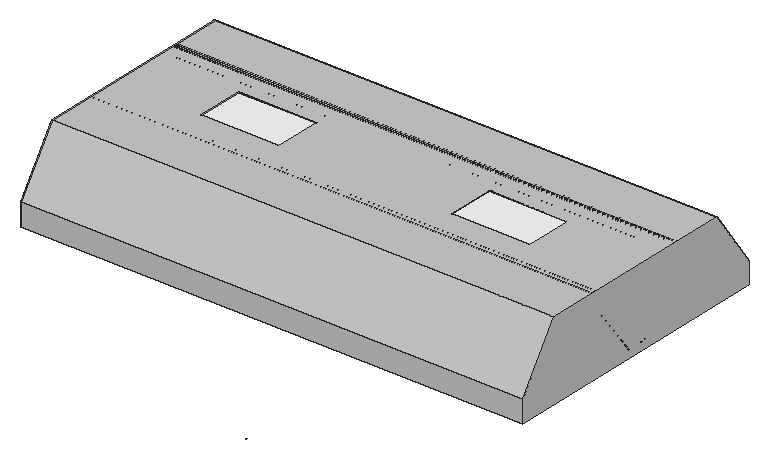
Revit family "QF_ELECTROLUXPROFESSIONAL_642361_BC1832DT", category Attrezzature speciali, Revit 2021
Family settings
  Quota connettore circolare = Usa diametro
  Tipo di parte = Normale
  Basato su piano di lavoro = No
  Sempre verticale = Sì
  Taglio con vuoti quando caricato = No
  Condiviso = No
  Punto di calcolo locali = No
Parameters (values of type "Standard")
  Weight = 98.00 kg
  Watts = 0 W
  Volts = 0 V
  URL Manufacturer = "https://www.electroluxprofessional.com/"
  URL = "https://www.electroluxprofessional.com/"
  Steam Supply Size = 0 mm
  Steam Supply Minimum Pressure = 0.0 Pa
  Steam Supply Maximum Pressure = 0.0 Pa
  Steam Consumption per Hour = 0
  Refrigeration Suction Line Size = 0 mm
  Refrigeration Liquid Line Size = 0 mm
  Refrigerant Compressor Remote = yes
  Prospetto di default = 0 mm
  Produttore = "Electrolux Professional"
  Phase = 0
  Modello = "BC1832DT"
  Length Actual = 3200 mm  # constant formula
  Item Number = "642361"
  Hot Water Size = 0 mm
  Height Actual = 500 mm  # constant formula
  HP = "0 HP"
  Gas Size = 0 mm
  Gas KW = 0
  Gas Input Pressure = 0 W
  Direct Waste Size = 0 mm
  Descrizione = "304 S/S ISLAND HOOD+FILTERS 3200X1800MM"
  Depth Actual = 1800 mm  # constant formula
  Cycle = 0 Hz
  Condensate Return Size = 0 mm
  Compressed Air Volume = 0.0 L/s
  Compressed Air Size = 0 mm
  Compressed Air Pressure = 0.0 Pa
  Cold Water Size = 0 mm
  Accessory = yes
Reference planes
  plane 1: z = 0
  plane 2 "Center (Left/Right)": x = 150
  plane 3 "LEFT": x = -1450
  plane 4 "RIGHT": x = 1750
  plane 5 "BACK": y = 550
  plane 6 "TOP": z = 2500
  plane 7 "Base": z = 2000
  plane 8: z = 1946
  plane 9: x = -1447
  plane 10 "DrainX": x = 1599
  plane 11 "AOLeft2": x = -400
  plane 12 "AORight1": x = 700
  plane 13: x = 1747
  plane 14: x = -1250
  plane 15: x = 1550
  plane 16: x = 50
  plane 17: x = 250
  plane 18 "AOLeft1": x = -900
  plane 19 "AORight2": x = 1200
  plane 20: y = -200
  plane 21: y = -500
  plane 22 "Center (Front/Back)": y = -350
  plane 23: y = -1250
  plane 24: through (0, -401.379, 2046.209) normal (0, 0.8019, 0.5974)
  plane 25: through (0, -298.621, 2046.209) normal (0, 0.8019, -0.5974)
  plane 26: z = 2140
Forms (mm)
  Extrusion 1, solid, material "QF_Finishes_Stainless Steel"
    sketch origin (-1450, 0, 360) x (0, 1, 0) y (0, 0, 1)
      loop
        line (550, 1640) -> (550, 1780) -> (299.446, 2140) -> (-999.446, 2140) -> (-1250, 1780) -> (-1250, 1640) -> (550, 1640)
    from 0 to 3
  Extrusion 2, solid, material "QF_Finishes_Stainless Steel"
    sketch origin (1750, 0, 360) x (0, 1, 0) y (0, 0, 1)
      loop
        line (550, 1640) -> (550, 1780) -> (299.446, 2140) -> (-999.446, 2140) -> (-1250, 1780) -> (-1250, 1640) -> (550, 1640)
    from 0 to -3
  Extrusion 3, solid, material "QF_Finishes_Stainless Steel"
    sketch origin (150, 0, 360) x (0, 1, 0) y (0, 0, 1)
      loop
        line (-999.446, 2140) -> (-1250, 1780) -> (-1250, 1640) -> (-1240, 1640) -> (-1240, 1640.8) -> (-1249.2, 1640.8) -> (-1249.2, 1779.739) -> (-999.025, 2139.19) -> (299.025, 2139.19) -> (549.2, 1779.739) -> (549.2, 1640.8) -> (540, 1640.8) -> (540, 1640) -> (550, 1640) -> (550, 1780) -> (299.446, 2140) -> (-999.446, 2140)
    from -1600 to 1600
  Extrusion 4, void
    sketch origin (0, 0, 2500) x (0, 1, 0) y (-1, 0, 0)
      loop
        line (-200, 400) -> (-200, 900) -> (-500, 900) -> (-500, 400) -> (-200, 400)
    from 0 to -10
  Extrusion 5, solid, material "QF_Finishes_Stainless Steel"
    sketch origin (0, 0, 0) x (1, 0, 0) y (0, 1, 0)
      loop
        line (-1450, 550) -> (-1450, 549) -> (-1449, 549) -> (-1449, 550) -> (-1450, 550)
    from 0 to 1
  Extrusion 6, solid, material "QF_Finishes_Stainless Steel"
    sketch origin (150, -400, 360) x (0, 1, 0) y (0, 0, 1)
      loop
        line (-298.883, 2085.553) -> (-1.379, 1686.209) -> (14.66, 1698.157) -> (-282.844, 2097.501) -> (-298.883, 2085.553)
      loop
        line (398.883, 2085.553) -> (382.844, 2097.501) -> (85.34, 1698.157) -> (101.379, 1686.209) -> (398.883, 2085.553)
    from -1400 to -1597
  Extrusion 7, solid, material "QF_Finishes_Stainless Steel"
    sketch origin (150, -400, 360) x (0, 1, 0) y (0, 0, 1)
      loop
        arc (116.056, 1704.554) -> (115.455, 1704.706) -> (114.923, 1704.389) r 0.81
        line (114.923, 1704.389) -> (100.465, 1684.991) -> (83.389, 1687.002) -> (86.391, 1712.615) -> (85.593, 1712.708) -> (82.594, 1687.095)
        arc (82.594, 1687.095) -> (82.763, 1686.499) -> (83.305, 1686.197) r 0.81
        line (83.305, 1686.197) -> (100.372, 1684.196)
        arc (100.372, 1684.196) -> (100.787, 1684.257) -> (101.116, 1684.517) r 0.81
        line (101.116, 1684.517) -> (115.564, 1703.911) -> (126.308, 1695.919) -> (100.145, 1660.79) -> (-0.145, 1660.79) -> (-26.308, 1695.919) -> (-15.564, 1703.911) -> (-1.116, 1684.517)
        arc (-1.116, 1684.517) -> (-0.787, 1684.257) -> (-0.372, 1684.196) r 0.81
        line (-0.372, 1684.196) -> (16.695, 1686.197)
        arc (16.695, 1686.197) -> (17.237, 1686.499) -> (17.406, 1687.095) r 0.81
        line (17.406, 1687.095) -> (14.407, 1712.708) -> (13.609, 1712.615) -> (16.611, 1687.002) -> (-0.465, 1684.991) -> (-14.923, 1704.389)
        arc (-14.923, 1704.389) -> (-15.455, 1704.706) -> (-16.056, 1704.554) r 0.81
        line (-16.056, 1704.554) -> (-26.786, 1696.561)
        arc (-26.786, 1696.561) -> (-27.103, 1696.028) -> (-26.951, 1695.427) r 0.81
        line (-26.951, 1695.427) -> (-0.843, 1660.381)
        arc (-0.843, 1660.381) -> (-0.5, 1660.093) -> (-0.063, 1659.99) r 0.972
        line (-0.063, 1659.99) -> (100.049, 1659.99)
        arc (100.049, 1659.99) -> (100.498, 1660.096) -> (100.851, 1660.393) r 1
        line (100.851, 1660.393) -> (126.951, 1695.427)
        arc (126.951, 1695.427) -> (127.103, 1696.028) -> (126.786, 1696.561) r 0.81
        line (126.786, 1696.561) -> (116.056, 1704.554)
      loop
        line (-292.735, 2139.19) -> (-292.735, 2129.205) -> (-317.587, 2110.686)
        arc (-317.587, 2110.686) -> (-317.904, 2110.153) -> (-317.752, 2109.552) r 0.81
        line (-317.752, 2109.552) -> (-284.894, 2065.446) -> (-295.625, 2057.438) -> (-295.147, 2056.796) -> (-284.418, 2064.79)
        arc (-284.418, 2064.79) -> (-284.1, 2065.322) -> (-284.252, 2065.923) r 0.81
        line (-284.252, 2065.923) -> (-317.117, 2110.038) -> (-291.935, 2128.798) -> (-291.935, 2138.4) -> (-262.776, 2138.4) -> (-262.776, 2070.563) -> (-261.976, 2069.49) -> (-261.976, 2139.19) -> (-292.735, 2139.19)
      loop
        line (392.735, 2139.19) -> (361.976, 2139.19) -> (361.976, 2069.49) -> (362.776, 2070.563) -> (362.776, 2138.4) -> (391.935, 2138.4) -> (391.935, 2128.798) -> (417.117, 2110.038) -> (384.252, 2065.923)
        arc (384.252, 2065.923) -> (384.1, 2065.322) -> (384.418, 2064.79) r 0.81
        line (384.418, 2064.79) -> (395.147, 2056.796) -> (395.625, 2057.438) -> (384.894, 2065.446) -> (417.752, 2109.552)
        arc (417.752, 2109.552) -> (417.904, 2110.153) -> (417.587, 2110.686) r 0.81
        line (417.587, 2110.686) -> (392.735, 2129.205) -> (392.735, 2139.19)
    from -1597 to 1597
  Extrusion 8, solid, material "QF_Finishes_Stainless Steel"
    sketch origin (150, -400, 360) x (0, 1, 0) y (0, 0, 1)
      loop
        line (-298.883, 2085.553) -> (-1.379, 1686.209) -> (14.66, 1698.157) -> (-282.844, 2097.501) -> (-298.883, 2085.553)
      loop
        line (398.883, 2085.553) -> (382.844, 2097.501) -> (85.34, 1698.157) -> (101.379, 1686.209) -> (398.883, 2085.553)
    from 1597 to 1400
  Extrusion 9, solid, material "QF_Finishes_Stainless Steel"
    sketch origin (150, -400, 360) x (0, 1, 0) y (0, 0, 1)
      loop
        line (-298.883, 2085.553) -> (-1.379, 1686.209) -> (14.66, 1698.157) -> (-282.844, 2097.501) -> (-298.883, 2085.553)
      loop
        line (398.883, 2085.553) -> (382.844, 2097.501) -> (85.34, 1698.157) -> (101.379, 1686.209) -> (398.883, 2085.553)
    from -100 to 100
  Extrusion 10, solid, material "QF_Finished_Chrome"
    sketch origin (150, -400, 360) x (0, 1, 0) y (0, 0, 1)
      loop
        line (-298.883, 2085.553) -> (-1.379, 1686.209) -> (14.66, 1698.157) -> (-282.844, 2097.501) -> (-298.883, 2085.553)
      loop
        line (398.883, 2085.553) -> (382.844, 2097.501) -> (85.34, 1698.157) -> (101.379, 1686.209) -> (398.883, 2085.553)
    from -1400 to -100
  Extrusion 11, solid, material "QF_Finished_Chrome"
    sketch origin (150, -400, 360) x (0, 1, 0) y (0, 0, 1)
      loop
        line (-298.883, 2085.553) -> (-1.379, 1686.209) -> (14.66, 1698.157) -> (-282.844, 2097.501) -> (-298.883, 2085.553)
      loop
        line (398.883, 2085.553) -> (382.844, 2097.501) -> (85.34, 1698.157) -> (101.379, 1686.209) -> (398.883, 2085.553)
    from 100 to 1400
  Sweep 12, solid, material "QF_Finishes_Stainless Steel"
    path origin (0, 0, 0) x (1, 0, 0) y (0, 1, 0)
      loop
        line (1750, 550) -> (-1450, 550) -> (-1450, -1250) -> (1750, -1250) -> (1750, 550)
    profile origin (1750, -350, 0) x (1, 0, 0) y (0, 0, 1)
      loop
        line (-3, 2000) -> (-3, 2000.8) -> (-19, 2000.8) -> (-19, 2010) -> (-20, 2010) -> (-20, 2000) -> (-3, 2000)
  Extrusion 13, void
    sketch origin (0, 0, 2500) x (0, 1, 0) y (-1, 0, 0)
      loop
        line (-200, -1200) -> (-200, -700) -> (-500, -700) -> (-500, -1200) -> (-200, -1200)
    from 0 to -10
  Extrusion 14, solid, material "QF_Finishes_Stainless Steel"
    sketch origin (1599, 0, 0) x (0, 1, 0) y (0, 0, 1)
      loop
        arc (-318.5, 1946) -> (-311.429, 1948.929) -> (-308.5, 1956) r 10
        line (-308.5, 1956) -> (-308.5, 2000.8) -> (-391.5, 2000.8) -> (-391.5, 1956)
        arc (-391.5, 1956) -> (-388.571, 1948.929) -> (-381.5, 1946) r 10
        line (-381.5, 1946) -> (-318.5, 1946)
    from -90 to 90
  Extrusion 15, solid, material "QF_Finishes_Stainless Steel"
    sketch origin (0, -1100, 2000) x (0, 1, 0) y (-1, 0, 0)
      loop
        circle (750, -1599) r 6.35
    from -3.799 to 0
Cuts and joins
  Extrusion 4, Extrusion 13 cuts Extrusion 3
  joined: Extrusion 2, Extrusion 3, Sweep 12
Lines and regions (mm)
  symbolic lines, style "SpecialityEquipment", detail levels coarse
    curve 1: line (1750, 550, 2500) -> (-1450, 550, 2500)
    curve 2: line (-1450, 550, 2500) -> (-1450, -1250.8, 2500)
    curve 3: line (1750, -1250.8, 2500) -> (1750, 550, 2500)
    curve 4: line (-1450, 299.446, 0) -> (1750, -999.446, 0)
    curve 5: line (1750, 299.446, 0) -> (-1450.605, -999.446, 0)
  symbolic lines, detail levels coarse
    curve 6: line (-900, -500, 0) -> (-400, -500, 0)
    curve 7: line (-900, -200, 0) -> (-900, -500, 0)
    curve 8: line (-400, -200, 0) -> (-900, -200, 0)
    curve 9: line (-400, -500, 0) -> (-400, -200, 0)
    curve 10: line (700, -200, 0) -> (700, -500, 0)
    curve 11: line (1200, -200, 0) -> (700, -200, 0)
    curve 12: line (1200, -500, 0) -> (1200, -200, 0)
    curve 13: line (700, -500, 0) -> (1200, -500, 0)
    curve 14: line (-1450.605, -999.446, 0) -> (1750, -999.446, 0)
    curve 15: line (1750, 299.446, 0) -> (-1450, 299.446, 0)
    curve 16: line (-1450, -1250.8, 0) -> (1750, -1250.8, 0)
Dimensions and locks
  plane 3 "LEFT" to plane 4 "RIGHT" = 3200 mm
  equal spacing: plane 3 "LEFT", plane 2 "Center (Left/Right)", plane 4 "RIGHT"
  plane 3 "LEFT" to plane 9 = 3 mm
  plane 10 "DrainX" to plane 4 "RIGHT" = 151 mm
  plane 13 to plane 4 "RIGHT" = 3 mm
  plane 3 "LEFT" to plane 14 = 200 mm
  plane 15 to plane 4 "RIGHT" = 200 mm
  locked: plane 11 "AOLeft2" to plane 12 "AORight1" at 1100
  equal spacing: plane 11 "AOLeft2", plane 2 "Center (Left/Right)", plane 12 "AORight1"
  locked: plane 7 "Base" to level at 2000
  locked: plane 16 to plane 17 at 200
  equal spacing: plane 16, plane 2 "Center (Left/Right)", plane 17
  plane 18 "AOLeft1" to plane 11 "AOLeft2" = 500 mm
  plane 12 "AORight1" to plane 19 "AORight2" = 500 mm
  plane 7 "Base" to plane 8 = 54 mm
  locked: plane 6 "TOP" to plane 7 "Base" at 500
  plane 5 "BACK" to plane 23 = 1800 mm  (x2)
  equal spacing: plane 5 "BACK", plane 22 "Center (Front/Back)", plane 23
  plane 21 to plane 20 = 300 mm
  equal spacing: plane 21, plane 22 "Center (Front/Back)", plane 20
  plane 26 to plane 7 "Base" = 140 mm
  aligned and locked: level to plane 1
  aligned and locked: plane 4 "RIGHT" to Extrusion 3
  aligned and locked: Extrusion 3 to plane 3 "LEFT"
  aligned and locked: Extrusion 6 to plane 9
  aligned and locked: plane 14 to Extrusion 6
  aligned and locked: Extrusion 2 to plane 13
  aligned and locked: plane 13 to Extrusion 8
  aligned and locked: Extrusion 8 to plane 15
  aligned and locked: plane 17 to Extrusion 9
  aligned and locked: Extrusion 9 to plane 16
  aligned and locked: plane 16 to Extrusion 10
  aligned and locked: Extrusion 10 to plane 14
  aligned and locked: Extrusion 11 to plane 17
  aligned and locked: Extrusion 11 to plane 15
  aligned and locked: Extrusion 7 to plane 9
  aligned and locked: plane 13 to Extrusion 7
  aligned and locked: Extrusion 4 to plane 18 "AOLeft1"
  aligned and locked: Extrusion 4 to plane 11 "AOLeft2"
  aligned and locked: plane 12 "AORight1" to Extrusion 13
  aligned and locked: plane 19 "AORight2" to Extrusion 13
  aligned and locked: plane 21 to Extrusion 13
  aligned and locked: plane 21 to Extrusion 4
  aligned and locked: plane 20 to Extrusion 13
  aligned and locked: plane 20 to Extrusion 4
  aligned and locked: curve 6 to Extrusion 4
  aligned and locked: curve 7 to Extrusion 4
  aligned and locked: curve 8 to Extrusion 4
  aligned and locked: curve 9 to Extrusion 4
  aligned and locked: curve 10 to Extrusion 13
  aligned and locked: curve 11 to Extrusion 13
  aligned and locked: curve 12 to Extrusion 13
  aligned and locked: curve 13 to Extrusion 13
Automatic sketch dimensions
  curve 2 to plane 3 "LEFT" = 0 mm
  curve 3 to plane 4 "RIGHT" = 0 mm
  curve 2 to plane 5 "BACK" = 0 mm
  Extrusion 4 sketch curve to plane 11 "AOLeft2" = 0 mm
  Extrusion 4 sketch curve to plane 18 "AOLeft1" = 0 mm
  Extrusion 5 sketch curve to plane 3 "LEFT" = 0 mm
  Extrusion 5 sketch curve to plane 5 "BACK" = 0 mm
  plane 3 "LEFT" to Extrusion 5 sketch curve = 1 mm
  Extrusion 5 sketch curve to Extrusion 5 sketch curve = 1 mm
  Sweep 12 sketch curve to plane 3 "LEFT" = 0 mm
  Sweep 12 sketch curve to plane 4 "RIGHT" = 0 mm
  Sweep 12 sketch curve to plane 5 "BACK" = 0 mm
  profile plane to Sweep 12 sketch curve = 20 mm
  Sweep 12 sketch curve to Sweep 12 sketch curve = 1 mm
  profile plane to Sweep 12 sketch curve = 3 mm
  level to Sweep 12 sketch curve = 2000 mm
  Sweep 12 sketch curve to Sweep 12 sketch curve = 0.8 mm
  Sweep 12 sketch curve to Sweep 12 sketch curve = 9.2 mm
  Extrusion 13 sketch curve to plane 11 "AOLeft2" = 1600 mm
  plane 18 "AOLeft1" to Extrusion 13 sketch curve = 1600 mm
  Extrusion 13 sketch curve to Extrusion 13 sketch curve = 300 mm
  Extrusion 13 sketch curve to plane 20 = 0 mm
  plane 21 to curve 3 = 750.8 mm
  plane 21 to curve 2 = 750.8 mm
  plane 21 to Sweep 12 sketch curve = 750 mm
  plane 21 to Extrusion 4 sketch curve = 0 mm
  Extrusion 4 sketch curve to plane 20 = 0 mm
  Extrusion 15 sketch curve to plane 10 "DrainX" = 0 mm
  Extrusion 15 sketch curve to plane 22 "Center (Front/Back)" = 0 mm
  Extrusion 14 sketch curve to plane 8 = 0 mm
  plane 8 to Extrusion 14 sketch curve = 10 mm
  Extrusion 14 sketch curve to plane 22 "Center (Front/Back)" = 41.5 mm
  plane 22 "Center (Front/Back)" to Extrusion 14 sketch curve = 31.5 mm
  plane 7 "Base" to Extrusion 14 sketch curve = 0.8 mm
  plane 22 "Center (Front/Back)" to Extrusion 14 sketch curve = 41.5 mm
  plane 21 to Extrusion 6 sketch curve = 198.883 mm
  Extrusion 6 sketch curve to plane 6 "TOP" = 42.499 mm  (x2)
  Extrusion 6 sketch curve to Extrusion 6 sketch curve = 16.039 mm  (x2)
  Extrusion 6 sketch curve to plane 22 "Center (Front/Back)" = 51.379 mm
  plane 22 "Center (Front/Back)" to Extrusion 6 sketch curve = 35.34 mm
  plane 20 to Extrusion 6 sketch curve = 182.844 mm
  Extrusion 6 sketch curve to Extrusion 6 sketch curve = 11.948 mm  (x2)
  Extrusion 7 sketch curve to plane 6 "TOP" = 30.448 mm  (x2)
  plane 21 to Extrusion 7 sketch curve = 217.752 mm
  Extrusion 7 sketch curve to plane 6 "TOP" = 29.314 mm  (x2)
  Extrusion 7 sketch curve to Extrusion 7 sketch curve = 0.166 mm  (x3)
  Extrusion 7 sketch curve to plane 6 "TOP" = 29.962 mm  (x2)
  Extrusion 7 sketch curve to Extrusion 7 sketch curve = 0.47 mm  (x2)
  Extrusion 7 sketch curve to Extrusion 7 sketch curve = 0.014 mm  (x2)
  Extrusion 7 sketch curve to plane 6 "TOP" = 82.562 mm  (x2)
  Extrusion 7 sketch curve to Extrusion 7 sketch curve = 22.127 mm
  Extrusion 7 sketch curve to plane 6 "TOP" = 83.204 mm  (x2)
  Extrusion 7 sketch curve to Extrusion 7 sketch curve = 0.478 mm  (x5)
  Extrusion 7 sketch curve to plane 6 "TOP" = 0.81 mm  (x2)
  Extrusion 7 sketch curve to Extrusion 7 sketch curve = 24.852 mm
  Extrusion 7 sketch curve to Extrusion 7 sketch curve = 0.8 mm  (x5)
  Extrusion 7 sketch curve to Extrusion 7 sketch curve = 10.724 mm
  Extrusion 7 sketch curve to plane 6 "TOP" = 74.554 mm  (x2)
  Extrusion 7 sketch curve to Extrusion 7 sketch curve = 0.008 mm  (x6)
  Extrusion 7 sketch curve to plane 6 "TOP" = 75.21 mm  (x2)
  Extrusion 7 sketch curve to plane 6 "TOP" = 74.077 mm  (x2)
  Extrusion 7 sketch curve to Extrusion 7 sketch curve = 0.642 mm  (x2)
  Extrusion 7 sketch curve to plane 6 "TOP" = 69.437 mm  (x2)
  Extrusion 7 sketch curve to Extrusion 7 sketch curve = 21.476 mm  (x2)
  Extrusion 7 sketch curve to plane 21 = 73.049 mm
  Extrusion 7 sketch curve to Extrusion 7 sketch curve = 0.006 mm  (x4)
  Extrusion 7 sketch curve to Extrusion 7 sketch curve = 10.73 mm  (x3)
  Extrusion 7 sketch curve to Extrusion 7 sketch curve = 0.484 mm  (x4)
  Extrusion 7 sketch curve to Extrusion 7 sketch curve = 0.641 mm  (x2)
  Extrusion 7 sketch curve to Extrusion 7 sketch curve = 14.448 mm
  plane 7 "Base" to Extrusion 7 sketch curve = 20.381 mm
  Extrusion 7 sketch curve to Extrusion 7 sketch curve = 0.273 mm
  Extrusion 7 sketch curve to Extrusion 7 sketch curve = 0.65 mm  (x2)
  Extrusion 7 sketch curve to Extrusion 7 sketch curve = 0.001 mm  (x4)
  Extrusion 7 sketch curve to Extrusion 7 sketch curve = 0.093 mm  (x2)
  plane 7 "Base" to Extrusion 7 sketch curve = 20.79 mm
  Extrusion 7 sketch curve to Extrusion 7 sketch curve = 0.698 mm
  Extrusion 7 sketch curve to Extrusion 7 sketch curve = 0.081 mm
  Extrusion 7 sketch curve to Extrusion 7 sketch curve = 28.531 mm
  Extrusion 7 sketch curve to Extrusion 7 sketch curve = 0.799 mm  (x2)
  Extrusion 7 sketch curve to Extrusion 7 sketch curve = 17.067 mm  (x2)
  Extrusion 7 sketch curve to Extrusion 7 sketch curve = 0.01 mm  (x4)
  Extrusion 7 sketch curve to Extrusion 7 sketch curve = 0.094 mm
  Extrusion 7 sketch curve to Extrusion 7 sketch curve = 0.795 mm  (x2)
  plane 22 "Center (Front/Back)" to Extrusion 7 sketch curve = 32.594 mm
  Extrusion 7 sketch curve to Extrusion 7 sketch curve = 0.71 mm
  Extrusion 7 sketch curve to Extrusion 7 sketch curve = 2.998 mm
  Extrusion 7 sketch curve to Extrusion 7 sketch curve = 16.745 mm
  Extrusion 7 sketch curve to Extrusion 7 sketch curve = 0.095 mm
  plane 7 "Base" to Extrusion 7 sketch curve = 20.393 mm
  Extrusion 7 sketch curve to Extrusion 7 sketch curve = 0.707 mm
  Extrusion 7 sketch curve to Extrusion 7 sketch curve = 0.651 mm
  Extrusion 7 sketch curve to Extrusion 7 sketch curve = 14.456 mm
  Extrusion 7 sketch curve to plane 6 "TOP" = 70.51 mm  (x2)
  plane 20 to Extrusion 7 sketch curve = 161.976 mm
  Extrusion 7 sketch curve to plane 6 "TOP" = 1.6 mm
  Extrusion 7 sketch curve to Extrusion 7 sketch curve = 29.159 mm
  Extrusion 7 sketch curve to Extrusion 7 sketch curve = 24.368 mm
  Extrusion 7 sketch curve to Extrusion 7 sketch curve = 0.636 mm
  Extrusion 7 sketch curve to Extrusion 7 sketch curve = 23.206 mm
  Extrusion 7 sketch curve to Extrusion 7 sketch curve = 23.234 mm
  Extrusion 7 sketch curve to Extrusion 7 sketch curve = 0.321 mm  (x2)
  Extrusion 7 sketch curve to Extrusion 7 sketch curve = 2.001 mm  (x2)
  Extrusion 7 sketch curve to Extrusion 7 sketch curve = 0.804 mm  (x2)
  Extrusion 7 sketch curve to Extrusion 7 sketch curve = 10.911 mm  (x2)
  Extrusion 7 sketch curve to Extrusion 7 sketch curve = 7.993 mm  (x2)
  Extrusion 7 sketch curve to Extrusion 7 sketch curve = 25.613 mm  (x2)
  Extrusion 7 sketch curve to Extrusion 7 sketch curve = 0.407 mm  (x2)
  Extrusion 7 sketch curve to Extrusion 7 sketch curve = 0.79 mm
  Extrusion 3 sketch curve to plane 7 "Base" = 0 mm  (x2)
  Extrusion 3 sketch curve to plane 23 = 0 mm
  Extrusion 3 sketch curve to plane 5 "BACK" = 0 mm
  plane 23 to Extrusion 3 sketch curve = 0.8 mm
  plane 7 "Base" to Extrusion 3 sketch curve = 0.8 mm  (x2)
  Extrusion 3 sketch curve to Extrusion 3 sketch curve = 9.2 mm
  plane 23 to Extrusion 3 sketch curve = 250.554 mm
  Extrusion 3 sketch curve to Extrusion 3 sketch curve = 0.421 mm  (x2)
  Extrusion 3 sketch curve to plane 6 "TOP" = 0.81 mm
  Extrusion 3 sketch curve to plane 5 "BACK" = 250.975 mm
  Extrusion 3 sketch curve to plane 5 "BACK" = 10 mm
  Extrusion 3 sketch curve to plane 5 "BACK" = 0.8 mm
  Extrusion 3 sketch curve to Extrusion 3 sketch curve = 138.939 mm  (x2)
  Extrusion 3 sketch curve to Extrusion 3 sketch curve = 0.261 mm  (x2)
  Extrusion 3 sketch curve to plane 6 "TOP" = 0 mm
  Extrusion 1 sketch curve to plane 7 "Base" = 0 mm
  Extrusion 1 sketch curve to plane 23 = 0 mm
  Extrusion 1 sketch curve to plane 6 "TOP" = 0 mm
  Extrusion 1 sketch curve to plane 5 "BACK" = 0 mm
  Extrusion 1 sketch curve to plane 5 "BACK" = 250.554 mm
  plane 7 "Base" to Extrusion 1 sketch curve = 140 mm
  Extrusion 1 sketch curve to Extrusion 1 sketch curve = 140 mm
  plane 23 to Extrusion 1 sketch curve = 250.554 mm
  plane 21 to Extrusion 10 sketch curve = 198.883 mm
  Extrusion 10 sketch curve to plane 6 "TOP" = 42.499 mm  (x2)
  Extrusion 10 sketch curve to Extrusion 10 sketch curve = 16.039 mm  (x2)
  Extrusion 10 sketch curve to plane 22 "Center (Front/Back)" = 51.379 mm
  plane 22 "Center (Front/Back)" to Extrusion 10 sketch curve = 35.34 mm
  plane 20 to Extrusion 10 sketch curve = 182.844 mm
  Extrusion 10 sketch curve to Extrusion 10 sketch curve = 11.948 mm  (x2)
  plane 21 to Extrusion 9 sketch curve = 198.883 mm
  Extrusion 9 sketch curve to plane 6 "TOP" = 42.499 mm  (x2)
  Extrusion 9 sketch curve to Extrusion 9 sketch curve = 16.039 mm  (x2)
  Extrusion 9 sketch curve to plane 22 "Center (Front/Back)" = 51.379 mm
  plane 22 "Center (Front/Back)" to Extrusion 9 sketch curve = 35.34 mm
  plane 20 to Extrusion 9 sketch curve = 182.844 mm
  Extrusion 9 sketch curve to Extrusion 9 sketch curve = 11.948 mm  (x2)
  plane 21 to Extrusion 11 sketch curve = 198.883 mm
  Extrusion 11 sketch curve to plane 6 "TOP" = 42.499 mm  (x2)
  Extrusion 11 sketch curve to Extrusion 11 sketch curve = 16.039 mm  (x2)
  Extrusion 11 sketch curve to plane 22 "Center (Front/Back)" = 51.379 mm
  plane 22 "Center (Front/Back)" to Extrusion 11 sketch curve = 35.34 mm
  plane 20 to Extrusion 11 sketch curve = 182.844 mm
  Extrusion 11 sketch curve to Extrusion 11 sketch curve = 11.948 mm  (x2)
  plane 21 to Extrusion 8 sketch curve = 198.883 mm
  Extrusion 8 sketch curve to plane 6 "TOP" = 42.499 mm  (x2)
  Extrusion 8 sketch curve to Extrusion 8 sketch curve = 16.039 mm  (x2)
  Extrusion 8 sketch curve to plane 22 "Center (Front/Back)" = 51.379 mm
  plane 22 "Center (Front/Back)" to Extrusion 8 sketch curve = 35.34 mm
  plane 20 to Extrusion 8 sketch curve = 182.844 mm
  Extrusion 8 sketch curve to Extrusion 8 sketch curve = 11.948 mm  (x2)
  Extrusion 2 sketch curve to plane 7 "Base" = 0 mm
  Extrusion 2 sketch curve to plane 23 = 0 mm
  Extrusion 2 sketch curve to plane 6 "TOP" = 0 mm
  Extrusion 2 sketch curve to plane 5 "BACK" = 0 mm
  Extrusion 2 sketch curve to plane 26 = 0 mm  (x2)
  Extrusion 2 sketch curve to plane 5 "BACK" = 250.554 mm
  plane 23 to Extrusion 2 sketch curve = 250.554 mm
  curve 15 to plane 3 "LEFT" = 0 mm
  curve 16 to plane 3 "LEFT" = 0 mm
  curve 14 to plane 4 "RIGHT" = 0 mm
  curve 15 to plane 4 "RIGHT" = 0 mm
  curve 16 to plane 4 "RIGHT" = 0 mm
  curve 14 to plane 3 "LEFT" = 0.605 mm
  plane 23 to curve 14 = 250.554 mm
  curve 15 to plane 5 "BACK" = 250.554 mm
  curve 16 to plane 23 = 0.8 mm
  radius of Extrusion 15 sketch curve = 6.35 mm
Connectors
  hvac at (-650, -350, 2500)
    settings: on Extrusion 4, index 2, duct flow 0.0 L/s, flow factor 0, pres drop 0.0 Pa, loss coef 0, conn angle 0.00°, conn width 300 mm, conn height 500 mm, conn diameter 609.6 mm, duct sys type 3, conn prof type 1, flow config 1, flow direction 2, loss method 0, conn ref index -1, conn util no, is conn primary yes, conn desc "EXHAUST OUTLET"
  hvac at (950, -350, 2500)
    settings: on Extrusion 13, index 3, duct flow 0.0 L/s, flow factor 0, pres drop 0.0 Pa, loss coef 0, conn angle 0.00°, conn width 300 mm, conn height 500 mm, conn diameter 609.6 mm, duct sys type 3, conn prof type 1, flow config 1, flow direction 2, loss method 0, conn ref index -1, conn util no, is conn primary no, conn desc "EXHAUST OUTLET"
  piping at (1599, -350, 1996.201), diameter 12.7
    settings: on Extrusion 15, index 4, connector inside diameter 609.6 mm, connector length 0 mm, flow factor 0, pipe flow 0.0 L/s, pressure drop 0.0 Pa, fitting loss kfactor 0, connector angle 0.00°, fixture units 0, engagement length 0 mm, angle of deflection 0.00°, flow configuration 1, flow direction 2, fitting loss method 0, system type 16, joint type 0, gender type 0, connector reference index -1, connector utility 0, adjustable connector no, is connector primary yes, connector description "Drain"
